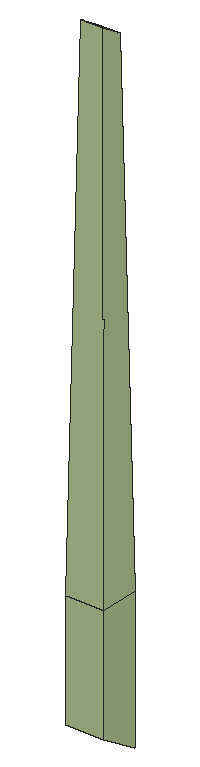
Revit family "Baluster_Tapered", category Balusters, Revit 2026
Family settings
  Classification Number = 23.30.70.21.11.14
  Always vertical = Yes
  Cut with Voids When Loaded = No
  Shared = No
Parameters (values of type "1 1/2"")
  Upper Turning Radius = 0' - 0 3/8"
  Taper Start - Upper = 0' - 1"
  Test Data = ""
  StartPnt = 0' - 0 1/4"
  Specification = "http://www.arcat.com/divs/sec/sec06440.shtml"
  Sales Information = ""
  Product Properties = "http://www.arcat.com/bim/bim_info.pl?fn=Baluster_Tapered"
  Product Data = "http://www.arcat.com/divs/sec/sec06440.shtml"
  MxWdth = Width + 0' 2"  # 0' - 3 1/2"
  built-in parameter 1008623 [instance] = 32.47°
  built-in parameter 1008625 [instance] = (empty or 0)
  Post = no
  Width = 0' - 1 1/2"
  Model = "Generic"  # constant formula
  Manufacturer Website = "http://www.arcat.com/"
  Manufacturer Phone - Toll Free = ""
  Manufacturer Phone = "(203) 939-9444"  # constant formula
  Manufacturer Fax = "(203) 939-2444"  # constant formula
  Manufacturer Email = "mailto:bim@arcat.com?subject=BIM Object on ARCAT"
  Manufacturer Address = "1077 Bridgeport Ave, Shelton, CT  06484"  # constant formula
  Manufacturer = "Generic"  # constant formula
  Lower Turning Radius = 0' - 0 1/4"
  Lower Pin = 0' - 0 1/4"
  Taper Start - Lower = 0' - 6"
  Keynote = "06440"
  Installation-Fabrication = ""
  Green Building-LEED = "http://www.arcat.com/green/green_building.shtml"
  Drawn By = "Robert S. Weygant. CSI, CDT, SCIP"  # constant formula
  Description = "Baluster"
  Copyright = "2008, ARCAT, Inc."  # constant formula
  Construction Details = "http://www.arcat.com/divs/sec/sec06440.shtml"
  Building Codes = ""
  built-in parameter 1008624 [instance] = 32.47°
  Baluster Material = Wood - Pressure Treated
  built-in parameter 1008622 [instance] = 2' - 6"
  Assembly Code = "C2020300"
Types (2): name | MxWdth | Width | Manufacturer Email | Baluster Material
  1" | 0' - 3" | 0' - 1" | "mailto:bim@arcat.com?subject=BIM Object on ARCAT&bcc=robert@sumexdesign.com" | Wood - Cherry
  1 1/2" | 0' - 3 1/2" | 0' - 1 1/2" | "mailto:bim@arcat.com?subject=BIM Object on ARCAT" | Wood - Pressure Treated
Reference planes (in)
  plane 1 "Center (Front/Back)": y = 0
  plane 2: z = 0
  plane 3 "Center (Left/Right)": x = 0
  plane 4 "Top": z = 30
  plane 5 "Top Angle Cut": through (0, 11.77624, 18.50637) normal (0, -0.5369, -0.8437)
  plane 6: z = 39
  plane 7 "Bottom Angle Cut": through (0, 0.45293, 0.71178) normal (0, -0.5369, -0.8437)
  plane 8 "Back": y = 1.75
  plane 9 "Front": y = -1.75
  plane 10 "Left": x = -1.75
  plane 11 "Right": x = 1.75
  plane 12: z = -9
  plane 13: z = 6
  plane 14: z = 29
Forms (in)
  Extrusion 1, solid, material "Wood - Pressure Treated" <- "Baluster Material"
    sketch origin (0, 0, 0) x (1, 0, 0) y (0, 1, 0)
      loop
        line (-0.75, 0.75) -> (-0.75, -0.75) -> (0.75, -0.75) -> (0.75, 0.75) -> (-0.75, 0.75)
    from -9 to 39
  Extrusion 2, void
    sketch origin (0, 0, 0) x (0, 1, 0) y (0, 0, 1)
      loop
        line (-1.75, 39) -> (-1.75, 27.11359) -> (1.75, 24.88641) -> (1.75, 39) -> (-1.75, 39)
    from -1.75 to 1.75
  Extrusion 3, void
    sketch origin (0, 0, 0) x (0, 1, 0) y (0, 0, 1)
      loop
        line (1.75, -0.11359) -> (-1.75, 2.11359) -> (-1.75, -9) -> (1.75, -9) -> (1.75, -0.11359)
    from -1.75 to 1.75
  Extrusion 4, void
    sketch origin (1.75, 0, 0) x (0, -1, 0) y (0, 0, 1)
      loop
        line (-1.75, 6) -> (-0.75, 6) -> (-0.375, 29) -> (-1.75, 29) -> (-1.75, 6)
    from 0 to 3.5 <- "MxWdth"
  Extrusion 5, void
    sketch origin (1.75, 0, 0) x (0, 1, 0) y (0, 0, -1)
      loop
        line (-1.75, -6) -> (-1.75, -29) -> (-0.375, -29) -> (-0.75, -6) -> (-1.75, -6)
    from 0 to 3.5 <- "MxWdth"
  Extrusion 6, void
    sketch origin (0, -1.75, 0) x (-1, 0, 0) y (0, 0, 1)
      loop
        line (-1.75, 6) -> (-0.75, 6) -> (-0.375, 29) -> (-1.75, 29) -> (-1.75, 6)
    from 0 to 3.5 <- "MxWdth"
  Extrusion 7, void
    sketch origin (0, -1.75, 0) x (1, 0, 0) y (0, 0, -1)
      loop
        line (-1.75, -6) -> (-1.75, -29) -> (-0.375, -29) -> (-0.75, -6) -> (-1.75, -6)
    from 0 to 3.5 <- "MxWdth"
Cuts and joins
  Extrusion 2, Extrusion 3, Extrusion 4, Extrusion 5, Extrusion 6, Extrusion 7 cuts Extrusion 1
Dimensions and locks (in)
  "built-in parameter 1008622": plane 2 to plane 4 "Top"
  locked: plane 4 "Top" to plane 6 at 9
  equal spacing: Extrusion 1 sketch curve, plane 3 "Center (Left/Right)", Extrusion 1 sketch curve
  equal spacing: Extrusion 1 sketch curve, plane 1 "Center (Front/Back)", Extrusion 1 sketch curve
  "Width": Extrusion 1 sketch curve to Extrusion 1 sketch curve  (x2)
  "MxWdth": plane 10 "Left" to plane 11 "Right"
  equal spacing: plane 10 "Left", plane 3 "Center (Left/Right)", plane 11 "Right"
  equal spacing: plane 8 "Back", plane 1 "Center (Front/Back)", plane 9 "Front"
  "MxWdth": plane 8 "Back" to plane 9 "Front"
  locked: plane 12 to level at 9
  "Taper Start - Lower": plane 13 to plane 2
  "Taper Start - Upper": plane 14 to plane 4 "Top"
  equal spacing: cut or joined group of Extrusion 1, Extrusion 2, Extrusion 3, Extrusion 4, Extrusion 5, Extrusion 6, Extrusion 7, Extrusion 4 sketch curve, plane 1 "Center (Front/Back)"
  equal spacing: plane 1 "Center (Front/Back)", Extrusion 5 sketch curve, cut or joined group of Extrusion 1, Extrusion 2, Extrusion 3, Extrusion 4, Extrusion 5, Extrusion 6, Extrusion 7
  equal spacing: cut or joined group of Extrusion 1, Extrusion 2, Extrusion 3, Extrusion 4, Extrusion 5, Extrusion 6, Extrusion 7, Extrusion 6 sketch curve, plane 3 "Center (Left/Right)"
  equal spacing: cut or joined group of Extrusion 1, Extrusion 2, Extrusion 3, Extrusion 4, Extrusion 5, Extrusion 6, Extrusion 7, Extrusion 7 sketch curve, plane 3 "Center (Left/Right)"
  "built-in parameter 1008623": angle plane 4 "Top" to plane 5 "Top Angle Cut"
  "built-in parameter 1008624": angle level to plane 7 "Bottom Angle Cut"
  aligned and locked: plane 10 "Left" to Extrusion 2
  aligned and locked: Extrusion 2 to plane 11 "Right"
  aligned and locked: Extrusion 3 to Extrusion 2  (x2)
  aligned and locked: plane 12 to Extrusion 3 sketch curve
  aligned and locked: Extrusion 3 sketch curve to plane 9 "Front"
  aligned and locked: plane 8 "Back" to Extrusion 3 sketch curve
  aligned and locked: Extrusion 3 to Extrusion 1
  aligned and locked: plane 6 to Extrusion 2 sketch curve
  aligned and locked: Extrusion 2 sketch curve to plane 8 "Back"
  aligned and locked: Extrusion 2 sketch curve to plane 9 "Front"
  aligned and locked: plane 8 "Back" to Extrusion 4 sketch curve
  aligned and locked: plane 14 to Extrusion 4 sketch curve
  aligned and locked: Extrusion 4 sketch curve to plane 13
  aligned and locked: cut or joined group of Extrusion 1, Extrusion 2, Extrusion 3, Extrusion 4, Extrusion 5, Extrusion 6, Extrusion 7 to Extrusion 4 sketch curve
  aligned and locked: plane 9 "Front" to Extrusion 5 sketch curve
  aligned and locked: plane 13 to Extrusion 5 sketch curve
  aligned and locked: Extrusion 5 sketch curve to plane 14
  aligned and locked: cut or joined group of Extrusion 1, Extrusion 2, Extrusion 3, Extrusion 4, Extrusion 5, Extrusion 6, Extrusion 7 to Extrusion 5 sketch curve
  aligned and locked: Extrusion 6 sketch curve to plane 14
  aligned and locked: Extrusion 6 sketch curve to plane 11 "Right"
  aligned and locked: plane 13 to Extrusion 6 sketch curve
  aligned and locked: cut or joined group of Extrusion 1, Extrusion 2, Extrusion 3, Extrusion 4, Extrusion 5, Extrusion 6, Extrusion 7 to Extrusion 6 sketch curve
  aligned and locked: Extrusion 7 sketch curve to plane 10 "Left"
  aligned and locked: Extrusion 7 sketch curve to plane 13
  aligned and locked: cut or joined group of Extrusion 1, Extrusion 2, Extrusion 3, Extrusion 4, Extrusion 5, Extrusion 6, Extrusion 7 to Extrusion 7 sketch curve
  aligned and locked: plane 14 to Extrusion 7 sketch curve
Automatic sketch dimensions
  Extrusion 2 sketch curve to plane 5 "Top Angle Cut" = 0' - 0"  (x2)
  Extrusion 3 sketch curve to plane 7 "Bottom Angle Cut" = 0' - 0"  (x2)
